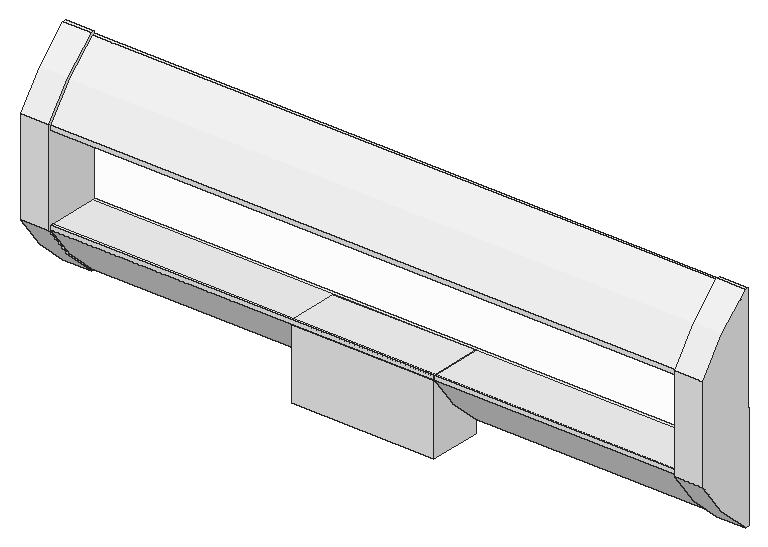
Revit family "SAE102-W", category Lighting Fixtures, host Face, Revit 2021
Family settings
  Host = Face
  Round Connector Dimension = Use Diameter
  Part Type = Normal
  OmniClass Number = 23.80.70.11.14.17
  OmniClass Title = Direct/Indirect
  Cut with Voids When Loaded = No
  Light Source = Yes
  Shared = Yes
  Room Calculation Point = No
Parameters (values of type "SAE102-W-02")
  zz YesNo 1 = yes
  zz Length 1 = 0' - 0"
  Wattage = 4 W
  Warranty = "5-Years Warranty"
  built-in parameter 1150110 = 1 (stored number, unit not read)
  Voltage = 120 V
  Type Comments = "Lighting FIxture"  # constant formula
  built-in parameter 1114217 = 1 (stored number, unit not read)
  Tilt Angle = -90.00°
  built-in parameter 1150109 = 1 (stored number, unit not read)
  built-in parameter 1150134 = (empty or 0)
  built-in parameter 1150113 = 1 (stored number, unit not read)
  Product Page URL = ""
  Product Documentation Link = ""
  Power Factor = 1
  Photometric Web File = "SAE102-W-ID-STD-4-SOF-CX-35K-I050-D040.ies"
  Photometric Notes = "More IES files download on Photometric Web Link"  # constant formula
  Row Length = 2' - 0"
  Wattage Comments = "133 lumens/watt"  # constant formula
  URL = "https://www.currentlighting.com/litecontrol"
  Mounting = "Wall Mount"  # constant formula
  Model = "SAE102-W"  # constant formula
  Manufacturer = "Litecontrol"  # constant formula
  built-in parameter 1150105 = 39.789 (stored number, unit not read)
  Lumens = 500 lm
  built-in parameter 1150115 = 1 (stored number, unit not read)
  Load Classification = Lighting
  built-in parameter 1150137 = (empty or 0)
  built-in parameter 1150139 = (empty or 0)
  built-in parameter 1150112 = 1 (stored number, unit not read)
  built-in parameter 1150114 = 1 (stored number, unit not read)
  Lamp = "LED's"  # constant formula
  built-in parameter 1150132 = (empty or 0)
  built-in parameter 1150102 = (empty or 0)
  built-in parameter 1150107 = 3500 (stored number, unit not read)
  built-in parameter 1150138 = (empty or 0)
  built-in parameter 1150106 = 0.39789 (stored number, unit not read)
  Glass = White Glass
  Fixture Distribution = "Indirect/Direct"  # constant formula
  Emit from Rectangle Width = 0' - 4"  # constant formula
  Emit from Rectangle Length = Row Length - 0' 2"  # 1' - 10"
  Emit Shape Visible in Rendering = no
  built-in parameter 1150104 = 11.613 (stored number, unit not read)
  Downlight Diffuser = "Soft Glow Lens"  # constant formula
  Dimming Lamp Color Temperature Shift = <None>
  Description = "Linear Pendant Indirect/Direct"  # constant formula
  Default Elevation = 4' - 0"
  Copyright = "Copyright ©  Litecontrol"  # constant formula
  Contact Us = ""
  Color Filter = 16777215
  Circuiting = "1 Circuit/2 Circuit - Uplight/Downlight"  # constant formula
  built-in parameter 1114218 = 1 (stored number, unit not read)
  Housing Material = Paint - Matte White
  built-in parameter 1150133 = 10 (stored number, unit not read)
  Assembly Code = "D5020200"
  Apparent Load = 0 VA
Types (6): name | zz YesNo 1 | zz Length 1 | Row Length | Emit from Rectangle Length
  (no name) | yes | 0' - 0" | 2' - 0" | 1' - 10"
  SAE102-W-04 | no | 1' - 0" | 4' - 0" | 3' - 10"
  SAE102-W-02 | yes | 0' - 0" | 2' - 0" | 1' - 10"
  SAE102-W-03 | no | 0' - 6" | 3' - 0" | 2' - 10"
  SAE102-W-06 | no | 1' - 0" | 6' - 0" | 5' - 10"
  SAE102-W-08 | no | 1' - 0" | 8' - 0" | 7' - 10"
Reference planes (in)
  plane 1 "Center (Front/Back)": y = 13.01342
  plane 2: z = 0
  plane 3 "Center (Left/Right)": x = 0
Dimensions and locks (in)
  aligned and locked: plane 2 to host face
  aligned and locked: level to host face
  aligned and locked: plane 3 "Center (Left/Right)" to imposter light
  aligned and locked: plane 1 "Center (Front/Back)" to imposter light
  aligned and locked: plane 2 to nested 1
  aligned and locked: imposter light to nested 1
Nested families (in)
  nested 1: "102-W" at (-0.01104, 14.01342, 4.08501) x (1, 0, 0) z (0, -1, 0), Glass <- "Glass", Backbox <- "Housing Material", Row Length <- "Row Length", type "102-W"
    with Row Length 2' - 0", Glass White Glass, Backbox Paint - Matte White, zz Length 1 0' - 0"
Connectors (in)
  electrical at (0, 12.13842, 4.125), driven by "Load Classification", driven by "Voltage", driven by "Apparent Load", driven by "Power Factor"
    settings: on nested 1, index 1, voltage 120 V, apparent load 0 VA, apparent load phase1 0 VA, apparent load phase2 0 VA, apparent load phase3 0 VA, power factor 1, load classification "Lighting", number of poles 1, system type 30, power factor state 1, is connector primary yes, connector utility no, sub classification motor no, connector description "Electrical Connector"
  electrical at (0, 12.07592, 2.55002)
    settings: on nested 1, index 2, voltage 0 V, apparent load 0 VA, apparent load phase1 0 VA, apparent load phase2 0 VA, apparent load phase3 0 VA, power factor 1, load classification "Other", number of poles 1, system type 30, power factor state 1, is connector primary no, connector utility no, sub classification motor no, connector description ""
Definition of nested family "102-W"
  Parameters
    zz YesNo 2 = not(zz YesNo 1)  # no
    zz YesNo 1 = yes
    zz Length 2 = 0' - 5"
    zz Length 1 = 0' - 4"
    Wattage Comments = ""
    URL = ""
    Model = ""
    Manufacturer = ""
    Row Length [instance] = 4' - 0"
    Lamp = ""
    Glass [instance] = none
    Description = ""
    Default Elevation = 4' - 0"
    Backbox [instance] = none
    Apparent Load = 0 VA
  Reference planes (in)
    plane 1 "Center (Front/Back)": y = 0.03999
    plane 2: z = 0
    plane 3 "Center (Left/Right)": x = 0.01104
    plane 4: z = 2
    plane 5: z = 1.875
    plane 6: x = -23.98896
    plane 7: x = 24.01104
    plane 8: x = -22.98896
    plane 9: x = 23.01104
    plane 10: y = 1.53999
    plane 11: y = -1.46001
    plane 12: z = 0.125
    plane 13: y = -3.71001
    plane 14: y = 3.78999
    plane 15: y = 3.66499
    plane 16: y = -3.58501
    plane 17: y = -4.08501
    plane 18: x = -2.48896
    plane 19: x = 2.51104
    plane 20: x = -19.98896
    plane 21: x = -22.48896
    plane 22: x = -17.48896
    plane 23: x = 20.01104
    plane 24: x = 22.51104
    plane 25: x = 17.51104
  Forms (in)
    Extrusion 1, solid
      sketch origin (0, 0, 0.06357) x (1, 0, 0) y (0, 1, 0)
        loop
          line (-48, 48) -> (-48, -48) -> (48, -48) -> (48, 48) -> (-48, 48)
      from -0.06357 to -12.81105
    Extrusion 2, solid, material <- "Backbox"
      sketch origin (23.01104, -180, 29.46954) x (0, 0, 1) y (0, -1, 0)
        loop
          line (-27.46954, -181.70759) -> (-27.46954, -178.37239)
          arc (-27.46954, -178.37239) -> (-28.31111, -177.24482) -> (-29.34454, -176.28999) r 7.66802
          line (-29.34454, -176.28999) -> (-29.46954, -176.28999) -> (-29.46954, -183.78999) -> (-29.34454, -183.78999)
          arc (-29.34454, -183.78999) -> (-28.31111, -182.83517) -> (-27.46954, -181.70759) r 7.66802
      from 0 to 1
    Extrusion 3, solid, material <- "Backbox"
      sketch origin (-22.98896, -180, 28.85133) x (0, 0, 1) y (0, -1, 0)
        loop
          line (-26.85133, -181.70759) -> (-26.85133, -178.37239)
          arc (-26.85133, -178.37239) -> (-27.6929, -177.24482) -> (-28.72633, -176.28999) r 7.66802
          line (-28.72633, -176.28999) -> (-28.85133, -176.28999) -> (-28.85133, -183.78999) -> (-28.72633, -183.78999)
          arc (-28.72633, -183.78999) -> (-27.6929, -182.83517) -> (-26.85133, -181.70759) r 7.66802
      from 0 to -1
    Extrusion 4, solid, material <- "Glass"
      sketch origin (-23.78896, 8.13374, 2) x (0, -1, 0) y (1, 0, 0)
        loop
          line (6.59375, 0.8) -> (9.59375, 0.8) -> (9.59375, 46.8) -> (6.59375, 46.8) -> (6.59375, 0.8)
      from -0.125 to -1.875
    Extrusion 5, solid, material <- "Backbox"
      sketch origin (0.01104, 0, 0) x (0, 1, 0) y (0, 0, 1)
        loop
          line (1.53999, 1.9375) -> (1.53999, 0) -> (3.72749, 0) -> (3.72749, 0.10375)
          arc (3.72749, 0.10375) -> (2.79201, 1.11318) -> (1.68994, 1.9375) r 7.60552
          line (1.68994, 1.9375) -> (1.53999, 1.9375)
        loop
          line (-1.46001, 1.9375) -> (-1.60996, 1.9375)
          arc (-1.60996, 1.9375) -> (-2.71203, 1.11318) -> (-3.64751, 0.10375) r 7.60552
          line (-3.64751, 0.10375) -> (-3.64751, 0) -> (-1.46001, 0) -> (-1.46001, 1.9375)
      from -23 to 23
    Extrusion 6, solid, material <- "Backbox", visible <- "zz YesNo 2"
      sketch origin (-25.90825, 0, 0) x (0, 1, 0) y (0, 0, -1)
        loop
          line (-1.46001, -1.9375) -> (-1.46001, -0.125) -> (-4.08501, -0.125) -> (-4.08501, -1.9375) -> (-1.46001, -1.9375)
      from -8.41929 to -3.41929
    Extrusion 7, solid, material <- "Backbox", visible <- "zz YesNo 2"
      sketch origin (25.93033, 0, 0) x (0, 1, 0) y (0, 0, 1)
        loop
          line (-1.46001, 1.9375) -> (-4.08501, 1.9375) -> (-4.08501, 0.125) -> (-1.46001, 0.125) -> (-1.46001, 1.9375)
      from -8.41929 to -3.41929
    Extrusion 8, solid, material <- "Backbox", visible <- "zz YesNo 1"
      sketch origin (1.73084, 0, 0) x (0, 1, 0) y (0, 0, 1)
        loop
          line (-1.46001, 1.9375) -> (-4.08501, 1.9375) -> (-4.08501, 0.125) -> (-1.46001, 0.125) -> (-1.46001, 1.9375)
      from -4.2198 to 0.7802
  Cuts and joins
    joined: Extrusion 2, Extrusion 3
  Dimensions and locks (in)
    plane 4 to Extrusion 1 = 0' - 2"
    "Row Length": plane 7 to plane 6
    locked: plane 8 to plane 6 at 1
    locked: plane 7 to plane 9 at 1
    equal spacing: plane 7, plane 3 "Center (Left/Right)", plane 6
    locked: plane 12 to Extrusion 1 at 0.125
    locked: plane 10 to plane 11 at 3
    equal spacing: plane 10, plane 1 "Center (Front/Back)", plane 11, locked at 1.5 each
    locked: plane 14 to plane 15 at 0.125
    locked: plane 16 to plane 13 at 0.125
    plane 13 to plane 14 = 0' - 7 1/2"
    plane 13 to plane 1 "Center (Front/Back)" = 0' - 3 3/4"
    equal spacing: plane 14, plane 1 "Center (Front/Back)", plane 13
    locked: plane 4 to plane 5 at 0.125
    plane 14 to plane 17 = 0' - 7 7/8"
    equal spacing: plane 19, plane 3 "Center (Left/Right)", plane 18, locked at 2.5 each
    "zz Length 2": plane 22 to plane 21
    equal spacing: plane 22, plane 20, plane 21, locked at 2.5 each
    equal spacing: plane 25, plane 23, plane 24, locked at 2.5 each
    "zz Length 2": plane 24 to plane 25
    "zz Length 1": plane 20 to plane 6
    "zz Length 1": plane 7 to plane 23
    aligned and locked: plane 2 to Extrusion 1
    aligned and locked: plane 7 to cut or joined group of Extrusion 2, Extrusion 3
    aligned and locked: cut or joined group of Extrusion 2, Extrusion 3 to plane 6
    aligned and locked: Extrusion 5 to plane 8
    aligned and locked: plane 9 to Extrusion 5
    aligned and locked: plane 10 to Extrusion 4 sketch curve
    aligned and locked: plane 11 to Extrusion 4 sketch curve
    aligned and locked: Extrusion 3 to Extrusion 4
    aligned and locked: Extrusion 2 to Extrusion 4
    aligned and locked: Extrusion 2 to plane 9
    aligned and locked: plane 5 to Extrusion 4
    aligned and locked: Extrusion 3 sketch curve to plane 13
    aligned and locked: Extrusion 3 to level
    aligned and locked: Extrusion 2 sketch curve to cut or joined group of Extrusion 2, Extrusion 3  (x6)
    aligned and locked: plane 8 to Extrusion 3
    aligned and locked: Extrusion 5 sketch curve to plane 10
    aligned and locked: plane 2 to Extrusion 5 sketch curve
    aligned and locked: Extrusion 6 to plane 22
    aligned and locked: Extrusion 6 to plane 21
    aligned and locked: Extrusion 7 to plane 25
    aligned and locked: Extrusion 7 to plane 24
    aligned and locked: Extrusion 8 to plane 19
    aligned and locked: Extrusion 8 to plane 18
  Automatic sketch dimensions
    Extrusion 1 sketch curve to Extrusion 1 sketch curve = 8' - 0"  (x2)
    Extrusion 3 sketch curve to level = 0' - 0"
    Extrusion 3 sketch curve to plane 12 = 0' - 0"  (x2)
    Extrusion 3 sketch curve to plane 4 = 0' - 0"
    Extrusion 3 sketch curve to plane 14 = 0' - 0"
    Extrusion 3 sketch curve to plane 11 = 0' - 0.83573"
    Extrusion 3 sketch curve to level = 0' - 4.54002"  (x2)
    Extrusion 3 sketch curve to plane 10 = 0' - 0.83573"
    Extrusion 4 sketch curve to plane 8 = 0' - 0"
    Extrusion 4 sketch curve to plane 9 = 0' - 0"
    Extrusion 5 sketch curve to level = 0' - 0"
    Extrusion 5 sketch curve to plane 11 = 0' - 0"
    Extrusion 5 sketch curve to plane 4 = 0' - 0 1/16"  (x2)
    Extrusion 5 sketch curve to plane 11 = 0' - 0.14995"
    Extrusion 5 sketch curve to plane 11 = 0' - 0.83573"
    Extrusion 5 sketch curve to plane 13 = 0' - 0 1/16"
    Extrusion 5 sketch curve to Extrusion 5 sketch curve = 0' - 0.14995"
    Extrusion 5 sketch curve to plane 10 = 0' - 0.83573"
    Extrusion 5 sketch curve to plane 14 = 0' - 0 1/16"
    Extrusion 5 sketch curve to level = 0' - 4.54002"  (x2)
    Extrusion 6 sketch curve to plane 17 = 0' - 0"
    level to Extrusion 6 sketch curve = 0' - 0 1/8"
    Extrusion 6 sketch curve to plane 11 = 0' - 0"
    Extrusion 6 sketch curve to plane 4 = 0' - 0 1/16"
    Extrusion 7 sketch curve to plane 17 = 0' - 0"
    level to Extrusion 7 sketch curve = 0' - 0 1/8"
    Extrusion 7 sketch curve to plane 11 = 0' - 0"
    Extrusion 7 sketch curve to plane 4 = 0' - 0 1/16"
    Extrusion 8 sketch curve to plane 17 = 0' - 0"
    level to Extrusion 8 sketch curve = 0' - 0 1/8"
    Extrusion 8 sketch curve to plane 11 = 0' - 0"
    Extrusion 8 sketch curve to plane 4 = 0' - 0 1/16"
